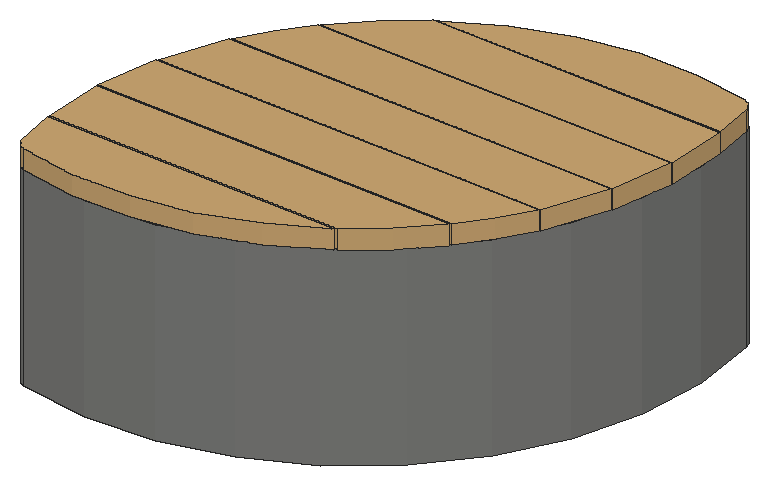
Revit family "L-FUR_벤치_YB-292_예건", category 일반 모델, Revit 2019
Family settings
  보강 철근 호스트 가능 = 아니오
  원형 커넥터 치수 = 지름 사용
  부품 유형 = 보통
  작업 기준면 기반 = 아니오
  항상 수직 = 예
  로드될 때 보이드를 사용하여 절단 = 아니오
  공유 = 아니오
  룸 계산 점 = 아니오
Parameters
  한국산업규격KS = ""
  조달청표준공사코드-세부공종 = ""
  건설정보분류체계-부위분류 = "E94335"
  LIM_INFO_주의사항 = "재배포, 재가공, 판매 금지"
  LIM_INFO_제품업체 = "예건"
  LIM_INFO_제품번호 = "YF-16"
  LIM_INFO_제품명 = "펜스_YF-16"
  LIM_INFO_제작일 = "2021.12."
  LIM_INFO_재료 = "Hardwood, STL-pipe, STL-plate"
  LIM_INFO_업체정보 = ""
  LIM_INFO_업체URL = "https://yekun.com/"
  LIM_INFO_업체TEL = "(+82)31-943-6114"
  LIM_INFO_업체EMAIL = "yekun@yekun.com"
  LIM_INFO_버전 = "2022_V01"
  LIM_INFO_기타정보 = ""
  LIM_INFO_규격 = "W2000 x H1800"
  LIM_INFO_가격 = 0
  LIM_INFO_PV_포장재여부 = yes
  LIM_INFO_PV_면적 = 0.00 m²
  KBIMS_식별-버전 = ""
  KBIMS_식별-bSK등록번호 = ""
  KBIMS_보급정보-저작자 = "림인포테크_MMJ"
  KBIMS_보급정보-보급코드 = ""
Reference planes
  plane 1 "중심(앞/뒤)": y = 0
  plane 2: z = 0
  plane 3 "중심(왼쪽/오른쪽)": x = 0
Dimensions and locks
  aligned and locked: level to plane 2
Nested families
  nested 1: "YB-292_base" at (0, 0, 0), type "YB-292_base"
Definition of nested family "YB-292_base"
  Reference planes
    plane 1 "중심(앞/뒤)": y = 0
    plane 2: z = 0
    plane 3 "중심(왼쪽/오른쪽)": x = 0
  Forms (mm)
    Extrusion 1, solid, detail levels fine
      sketch origin (316.318, -660.289, 0) x (0.707107, 0.707107, 0) y (-0.707107, 0.707107, 0)
        loop
          arc (1486.379, 706.398) -> (885.897, 1040.635) -> (285.414, 706.398) r 706.526
          arc (285.414, 706.398) -> (280.911, 690.59) -> (285.414, 674.783) r 30
          arc (285.414, 674.783) -> (885.897, 340.546) -> (1486.379, 674.783) r 706.526
          arc (1486.379, 674.783) -> (1490.882, 690.59) -> (1486.379, 706.398) r 30
      from 0 to 410
    Extrusion 2, solid, detail levels fine
      sketch origin (1403.843, -615.003, 0) x (0.707107, 0.707107, 0) y (-0.707107, 0.707107, 0)
        loop
          arc (685.36, 1443.372) -> (481.884, 1655.518) -> (209.686, 1766.498) r 706.526
          line (209.686, 1766.498) -> (635.21, 1340.974)
          arc (635.21, 1340.974) -> (661.373, 1375.595) -> (685.36, 1411.757) r 706.526
          arc (685.36, 1411.757) -> (689.863, 1427.565) -> (685.36, 1443.372) r 30
        loop
          arc (544.703, 1247.633) -> (590.706, 1290.775) -> (632.679, 1337.848) r 706.526
          line (632.679, 1337.848) -> (202.835, 1767.693)
          arc (202.835, 1767.693) -> (110.593, 1777.141) -> (17.908, 1774.428) r 706.526
          line (17.908, 1774.428) -> (544.703, 1247.633)
        loop
          arc (436.98, 1171.508) -> (490.982, 1205.896) -> (541.649, 1245.03) r 706.526
          line (541.649, 1245.03) -> (12.761, 1773.919)
          arc (12.761, 1773.919) -> (-61.587, 1762.261) -> (-134.273, 1742.761) r 706.526
          line (-134.273, 1742.761) -> (436.98, 1171.508)
        loop
          arc (310.221, 1114.42) -> (373.116, 1138.99) -> (433.379, 1169.452) r 706.526
          line (433.379, 1169.452) -> (-138.527, 1741.359)
          arc (-138.527, 1741.359) -> (-201.56, 1716.941) -> (-261.971, 1686.611) r 706.526
          line (-261.971, 1686.611) -> (310.221, 1114.42)
        loop
          arc (159.338, 1081.455) -> (233.497, 1093.328) -> (305.977, 1113.007) r 706.526
          line (305.977, 1113.007) -> (-265.58, 1684.564)
          arc (-265.58, 1684.564) -> (-319.698, 1650.304) -> (-370.492, 1611.285) r 706.526
          line (-370.492, 1611.285) -> (159.338, 1081.455)
        loop
          arc (-29.972, 1086.917) -> (61.921, 1077.893) -> (154.206, 1080.93) r 706.526
          line (154.206, 1080.93) -> (-373.553, 1608.689)
          arc (-373.553, 1608.689) -> (-419.667, 1565.668) -> (-461.76, 1518.706) r 706.526
          line (-461.76, 1518.706) -> (-29.972, 1086.917)
        loop
          arc (-515.605, 1411.757) -> (-310.807, 1198.715) -> (-36.786, 1088.074) r 706.526
          line (-36.786, 1088.074) -> (-464.299, 1515.587)
          arc (-464.299, 1515.587) -> (-491.085, 1480.285) -> (-515.605, 1443.372) r 706.526
          arc (-515.605, 1443.372) -> (-520.108, 1427.565) -> (-515.605, 1411.757) r 30
      from 410 to 450
    Extrusion 3, solid, detail levels coarse+medium
      sketch origin (0, 0, 0) x (1, 0, 0) y (0, 1, 0)
        loop
          line (0, 494.177) -> (0, 0) -> (494.177, 0) -> (908.611, 414.433) -> (908.611, 908.611) -> (414.433, 908.611) -> (0, 494.177)
      from 0 to 410
    Extrusion 4, solid, detail levels coarse+medium
      sketch origin (0, 0, 0) x (1, 0, 0) y (0, 1, 0)
        loop
          line (908.611, 908.611) -> (414.433, 908.611) -> (0, 494.177) -> (0, 0) -> (494.177, 0) -> (908.611, 414.433) -> (908.611, 908.611)
      from 410 to 450
  Dimensions and locks
    aligned and locked: level to plane 2
